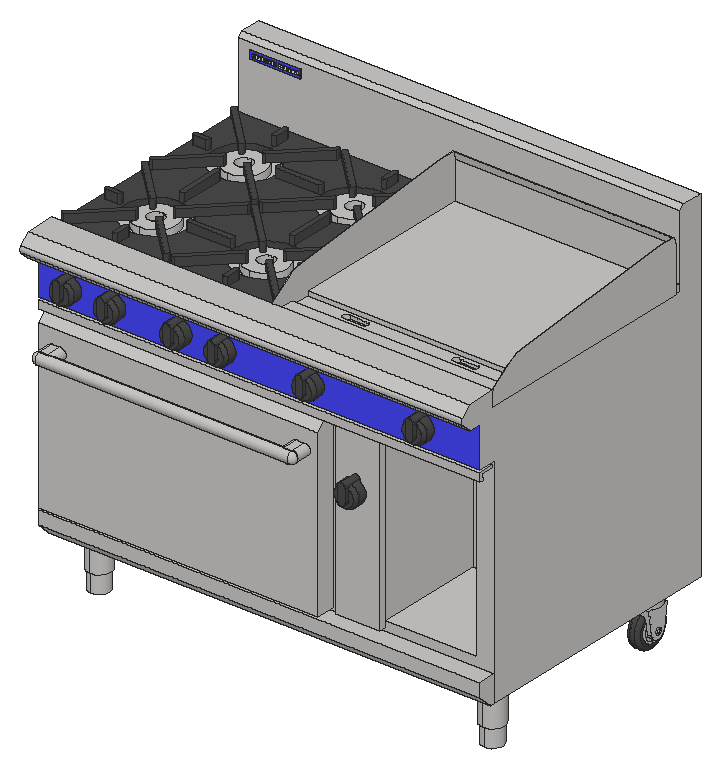
Revit family "QF_MOFFAT_BLUESEAL_CE_G58B", category Specialty Equipment, Revit 2012
Parameters
  Width = 1200 mm
  Weight in Pounds = 584
  Watts = 130 W
  Volts = 230 V
  URL Cutsheet = "www.moffat.com"
  URL = "www.moffat.com"
  Type Mark [instance] = ""
  Status [instance] = ""
  Specification by User [instance] = ""
  Specification by Manufacturer = ""
  Show Logo [instance] = yes
  Show Clearance [instance] = yes
  Show Casters [instance] = yes
  Serial Number = ""
  Seismic Rating = ""
  SMACNA No = ""
  Revision Code [instance] = ""
  Phase = 1
  Omniclass Number and Title = ""
  Number of Poles [instance] = 1
  NAFEM Spec ID Number = ""
  Model = "G58B"
  Min Ckt Ampacity = 0 A
  Mechanical Remarks = ""
  Mechanical Connection Type [instance] = ""
  Max Overcurrent Protection = 0 A
  Masterspec = ""
  Manufacturer = "MOFFAT BLUESEAL"
  Legs [instance] = not(Show Casters)  # no
  Item Number [instance] = ""
  Installed By [instance] = ""
  Identify Quantity as Lot [instance] = yes
  Height = 970 mm
  HP = ""
  Gas Size = 3/4"
  Gas RI Height [instance] = 0 mm
  Gas KW [instance] = 50.5
  Gas Input [instance] = 172502.0 Btu/h
  Gas Connection Height = 0 mm
  Furnished By [instance] = ""
  Foodservice Equipment Identifier [instance] = yes
  FL Amps = 0.6 A
  Electrical Remarks = ""
  Electric Connection Type = ""
  Elec Conn RI Height = 0 mm
  Elec Conn Connection Height = 0 mm
  Description = "1200MM GAS RANGE WITH CONVECTION OVEN"
  Depth = 812 mm
  Cycle = 60 Hz
  Conn Plug = ""
  Conn Conduit = yes
  CSI MasterFormat = ""
  CSI Master Format = ""
  Body Finish = QF_Finishes_Stainless Steel
  Apparent Power = 0 VA
Reference planes
  plane 1 "BACK": y = 0
  plane 2: z = 0
  plane 3 "LEFT": x = 0
  plane 4 "RIGHT": x = 1200
  plane 5 "FRONT": y = -812
  plane 6 "TOP": z = 970
  plane 7 "Center Y": x = 600
  plane 8 "Center X": y = -406
  plane 9: x = 280
  plane 10: y = -574.272
  plane 11: x = 60
  plane 12: y = -304.972
  plane 13: y = -364.972
  plane 14: x = 74
  plane 15: y = -812
  plane 16: x = 1134.5
  plane 17: y = -32
  plane 18: z = 655
  plane 19: x = 65.5
  plane 20: x = 65.8
  plane 21: z = 1085
  plane 22: y = -705
Forms (mm)
  Extrusion 1, solid, material "QF_Finishes_Stainless Steel" <- "Body Finish"
    sketch origin (0, 0, 0) x (0, 1, 0) y (0, 0, 1)
      loop
        line (0, 150) -> (0, 1085) -> (-57.5, 1085) -> (-70, 1072.5) -> (-70, 875) -> (-705, 875) -> (-705, 915) -> (-783.97, 915) -> (-808.49, 890.48)
        arc (-808.49, 890.48) -> (-812.002, 882) -> (-808.49, 873.52) r 11.993
        line (-808.49, 873.52) -> (-784.97, 850) -> (-749, 850) -> (-749, 740) -> (-699, 740) -> (-699, 150) -> (0, 150)
      loop
        line (-749, 222.5) -> (-749, 186) -> (-713.071, 150.071) -> (-703.2, 150.071) -> (-703.2, 222.5) -> (-749, 222.5)
      loop
        line (-749, 710) -> (-740.224, 710) -> (-742.613, 726.999) -> (-707.93, 726.999) -> (-707.93, 734.003) -> (-749, 734.003) -> (-749, 710)
    from 0 to 1200
  Extrusion 2, solid, material "QF_Finishes_Stainless Steel"
    sketch origin (0, 7, 0) x (0, 1, 0) y (0, 0, 1)
      loop
        line (-706, 700) -> (-732, 700) -> (-756, 676) -> (-756, 227.5) -> (-706, 227.5) -> (-706, 700)
    from 0 to 760
  Extrusion 3, solid, material "QF_Finishes_Stainless Steel"
    sketch origin (723.5, 7, 0) x (0, 1, 0) y (0, 0, 1)
      loop
        line (-706, 700) -> (-721, 700) -> (-721, 227.5) -> (-706, 227.5) -> (-706, 700)
    from 56.898 to 176.5
  Revolve 4, solid, material "QF_Finishes_Stainless Steel" <- "Body Finish"
    sketch origin (1134.5, -696.126, 0) x (0, 1, 0) y (0, 0, -1)
      loop
        line (39.376, -150) -> (71.126, -150) -> (71.126, 0) -> (43.626, 0) -> (43.626, -50) -> (39.376, -50) -> (39.376, -150)
      axis (71.126, -150) -> (71.126, 0)
    angle from 0 to 360
  Revolve 5, solid, material "QF_Finishes_Stainless Steel" <- "Body Finish"
    sketch origin (65.5, -696.126, 0) x (0, 1, 0) y (0, 0, 1)
      loop
        line (39.376, 150) -> (39.376, 50) -> (43.626, 50) -> (43.626, 0) -> (71.126, 0) -> (71.126, 150) -> (39.376, 150)
      axis (71.126, 150) -> (71.126, 0)
    angle from 0 to 360
  Extrusion 6, solid, material "QF_Finishes_Stainless Steel"
    sketch origin (-64.5, 0, 325) x (1, 0, 0) y (0, 1, 0)
      loop
        circle (1134.5, -32) r 10
    from 330 to 374.856
  Extrusion 7, void
    sketch origin (0, -703.73, 150) x (0, 0, -1) y (-1, 0, 0)
      loop
        line (-526, -900) -> (-526, -1150) -> (-96, -1150) -> (-96, -900) -> (-526, -900)
    from 0 to 304.8
  Extrusion 8, solid, material "QF_Finishes_Black"
    sketch origin (0, -70, 875) x (0, -1, 0) y (1, 0, 0)
      loop
        arc (1, 4) -> (1.879, 1.879) -> (4, 1) r 3
        line (4, 1) -> (632, 1)
        arc (632, 1) -> (634.121, 1.879) -> (635, 4) r 3
        line (635, 4) -> (635, 597)
        arc (635, 597) -> (634.121, 599.121) -> (632, 600) r 3
        line (632, 600) -> (4, 600)
        arc (4, 600) -> (1.879, 599.121) -> (1, 597) r 3
        line (1, 597) -> (1, 4)
      loop
        circle (167.5, 150) r 85
      loop
        circle (167.5, 450) r 85
      loop
        circle (467.768, 150) r 85
      loop
        circle (467.768, 450) r 85
    from 0 to 19.5
  Extrusion 9, solid, material "QF_Finishes_Black"
    sketch origin (0, -70, 894.5) x (0, -1, 0) y (1, 0, 0)
      loop
        spline (327.102, 15.153) -> (326.181, 13.924) -> (325.631, 12.47) -> (325.49, 10.89) -> (325.767, 9.292) -> (326.443, 7.786) -> (327.473, 6.473) -> (328.786, 5.443) -> (330.292, 4.767) -> (331.89, 4.49) -> (333.47, 4.631) -> (334.924, 5.181) -> (336.153, 6.102)
        line (336.153, 6.102) -> (444.076, 114.025)
        spline (444.076, 114.025) -> (444.837, 115.095) -> (445.238, 116.399) -> (445.251, 117.851) -> (444.875, 119.35) -> (444.137, 120.795) -> (443.086, 122.086) -> (441.795, 123.137) -> (440.35, 123.875) -> (438.851, 124.251) -> (437.399, 124.238) -> (436.095, 123.837) -> (435.025, 123.076)
        line (435.025, 123.076) -> (327.102, 15.153)
      loop
        line (611.398, 15.153) -> (503.475, 123.076)
        spline (503.475, 123.076) -> (502.405, 123.837) -> (501.101, 124.238) -> (499.649, 124.251) -> (498.15, 123.875) -> (496.705, 123.137) -> (495.414, 122.086) -> (494.363, 120.795) -> (493.625, 119.35) -> (493.249, 117.851) -> (493.262, 116.399) -> (493.663, 115.095) -> (494.424, 114.025)
        line (494.424, 114.025) -> (602.347, 6.102)
        spline (602.347, 6.102) -> (603.416, 5.341) -> (604.721, 4.941) -> (606.172, 4.928) -> (607.671, 5.303) -> (609.116, 6.041) -> (610.408, 7.092) -> (611.459, 8.384) -> (612.197, 9.829) -> (612.572, 11.328) -> (612.559, 12.779) -> (612.159, 14.084) -> (611.398, 15.153)
      loop
        spline (379.102, 143.6) -> (380.396, 143.818) -> (381.602, 144.457) -> (382.638, 145.475) -> (383.432, 146.8) -> (383.932, 148.344) -> (384.102, 150) -> (383.932, 151.656) -> (383.432, 153.2) -> (382.638, 154.525) -> (381.602, 155.543) -> (380.396, 156.182) -> (379.102, 156.4)
        line (379.102, 156.4) -> (259.398, 156.4)
        spline (259.398, 156.4) -> (258.104, 156.182) -> (256.898, 155.543) -> (255.862, 154.525) -> (255.068, 153.2) -> (254.568, 151.656) -> (254.398, 150) -> (254.568, 148.344) -> (255.068, 146.8) -> (255.862, 145.475) -> (256.898, 144.457) -> (258.104, 143.818) -> (259.398, 143.6)
        line (259.398, 143.6) -> (379.102, 143.6)
      loop
        spline (23.602, 15.153) -> (22.681, 13.924) -> (22.131, 12.47) -> (21.99, 10.89) -> (22.267, 9.292) -> (22.943, 7.786) -> (23.973, 6.473) -> (25.286, 5.443) -> (26.792, 4.767) -> (28.39, 4.49) -> (29.97, 4.631) -> (31.424, 5.181) -> (32.653, 6.102)
        line (32.653, 6.102) -> (140.576, 114.025)
        spline (140.576, 114.025) -> (141.337, 115.095) -> (141.738, 116.399) -> (141.751, 117.851) -> (141.375, 119.35) -> (140.637, 120.795) -> (139.586, 122.086) -> (138.295, 123.137) -> (136.85, 123.875) -> (135.351, 124.251) -> (133.899, 124.238) -> (132.595, 123.837) -> (131.525, 123.076)
        line (131.525, 123.076) -> (23.602, 15.153)
      loop
        line (311.398, 15.153) -> (203.475, 123.076)
        spline (203.475, 123.076) -> (202.405, 123.837) -> (201.101, 124.238) -> (199.649, 124.251) -> (198.15, 123.875) -> (196.705, 123.137) -> (195.414, 122.086) -> (194.363, 120.795) -> (193.625, 119.35) -> (193.249, 117.851) -> (193.262, 116.399) -> (193.663, 115.095) -> (194.424, 114.025)
        line (194.424, 114.025) -> (302.347, 6.102)
        spline (302.347, 6.102) -> (303.416, 5.341) -> (304.721, 4.941) -> (306.172, 4.928) -> (307.671, 5.303) -> (309.116, 6.041) -> (310.408, 7.092) -> (311.459, 8.384) -> (312.197, 9.829) -> (312.572, 11.328) -> (312.559, 12.779) -> (312.159, 14.084) -> (311.398, 15.153)
      loop
        line (327.102, 284.847) -> (435.025, 176.924)
        spline (435.025, 176.924) -> (436.095, 176.163) -> (437.399, 175.762) -> (438.851, 175.749) -> (440.35, 176.125) -> (441.795, 176.863) -> (443.086, 177.914) -> (444.137, 179.205) -> (444.875, 180.65) -> (445.251, 182.149) -> (445.238, 183.601) -> (444.837, 184.905) -> (444.076, 185.975)
        line (444.076, 185.975) -> (336.153, 293.898)
        spline (336.153, 293.898) -> (334.924, 294.819) -> (333.47, 295.369) -> (331.89, 295.51) -> (330.292, 295.233) -> (328.786, 294.557) -> (327.473, 293.527) -> (326.443, 292.214) -> (325.767, 290.708) -> (325.49, 289.11) -> (325.631, 287.53) -> (326.181, 286.076) -> (327.102, 284.847)
      loop
        spline (611.398, 284.847) -> (612.159, 285.916) -> (612.559, 287.221) -> (612.572, 288.672) -> (612.197, 290.171) -> (611.459, 291.616) -> (610.408, 292.908) -> (609.116, 293.959) -> (607.671, 294.697) -> (606.172, 295.072) -> (604.721, 295.059) -> (603.416, 294.659) -> (602.347, 293.898)
        line (602.347, 293.898) -> (494.424, 185.975)
        spline (494.424, 185.975) -> (493.663, 184.905) -> (493.262, 183.601) -> (493.249, 182.149) -> (493.625, 180.65) -> (494.363, 179.205) -> (495.414, 177.914) -> (496.705, 176.863) -> (498.15, 176.125) -> (499.649, 175.749) -> (501.101, 175.762) -> (502.405, 176.163) -> (503.475, 176.924)
        line (503.475, 176.924) -> (611.398, 284.847)
      loop
        spline (461.1, 241.898) -> (461.318, 240.604) -> (461.957, 239.398) -> (462.975, 238.362) -> (464.3, 237.568) -> (465.844, 237.068) -> (467.5, 236.898) -> (469.156, 237.068) -> (470.7, 237.568) -> (472.025, 238.362) -> (473.043, 239.398) -> (473.682, 240.604) -> (473.9, 241.898)
        line (473.9, 241.898) -> (473.9, 358.102)
        spline (473.9, 358.102) -> (473.682, 359.396) -> (473.043, 360.602) -> (472.025, 361.638) -> (470.7, 362.432) -> (469.156, 362.932) -> (467.5, 363.102) -> (465.844, 362.932) -> (464.3, 362.432) -> (462.975, 361.638) -> (461.957, 360.602) -> (461.318, 359.396) -> (461.1, 358.102)
        line (461.1, 358.102) -> (461.1, 241.898)
      loop
        line (23.602, 284.847) -> (131.525, 176.924)
        spline (131.525, 176.924) -> (132.595, 176.163) -> (133.899, 175.762) -> (135.351, 175.749) -> (136.85, 176.125) -> (138.295, 176.863) -> (139.586, 177.914) -> (140.637, 179.205) -> (141.375, 180.65) -> (141.751, 182.149) -> (141.738, 183.601) -> (141.337, 184.905) -> (140.576, 185.975)
        line (140.576, 185.975) -> (32.653, 293.898)
        spline (32.653, 293.898) -> (31.424, 294.819) -> (29.97, 295.369) -> (28.39, 295.51) -> (26.792, 295.233) -> (25.286, 294.557) -> (23.973, 293.527) -> (22.943, 292.214) -> (22.267, 290.708) -> (21.99, 289.11) -> (22.131, 287.53) -> (22.681, 286.076) -> (23.602, 284.847)
      loop
        spline (311.398, 284.847) -> (312.159, 285.916) -> (312.559, 287.221) -> (312.572, 288.672) -> (312.197, 290.171) -> (311.459, 291.616) -> (310.408, 292.908) -> (309.116, 293.959) -> (307.671, 294.697) -> (306.172, 295.072) -> (304.721, 295.059) -> (303.416, 294.659) -> (302.347, 293.898)
        line (302.347, 293.898) -> (194.424, 185.975)
        spline (194.424, 185.975) -> (193.663, 184.905) -> (193.262, 183.601) -> (193.249, 182.149) -> (193.625, 180.65) -> (194.363, 179.205) -> (195.414, 177.914) -> (196.705, 176.863) -> (198.15, 176.125) -> (199.649, 175.749) -> (201.101, 175.762) -> (202.405, 176.163) -> (203.475, 176.924)
        line (203.475, 176.924) -> (311.398, 284.847)
      loop
        spline (161.1, 241.898) -> (161.318, 240.604) -> (161.957, 239.398) -> (162.975, 238.362) -> (164.3, 237.568) -> (165.844, 237.068) -> (167.5, 236.898) -> (169.156, 237.068) -> (170.7, 237.568) -> (172.025, 238.362) -> (173.043, 239.398) -> (173.682, 240.604) -> (173.9, 241.898)
        line (173.9, 241.898) -> (173.9, 358.102)
        spline (173.9, 358.102) -> (173.682, 359.396) -> (173.043, 360.602) -> (172.025, 361.638) -> (170.7, 362.432) -> (169.156, 362.932) -> (167.5, 363.102) -> (165.844, 362.932) -> (164.3, 362.432) -> (162.975, 361.638) -> (161.957, 360.602) -> (161.318, 359.396) -> (161.1, 358.102)
        line (161.1, 358.102) -> (161.1, 241.898)
      loop
        line (379.102, 456.4) -> (259.398, 456.4)
        spline (259.398, 456.4) -> (258.104, 456.182) -> (256.898, 455.543) -> (255.862, 454.525) -> (255.068, 453.2) -> (254.568, 451.656) -> (254.398, 450) -> (254.568, 448.344) -> (255.068, 446.8) -> (255.862, 445.475) -> (256.898, 444.457) -> (258.104, 443.818) -> (259.398, 443.6)
        line (259.398, 443.6) -> (379.102, 443.6)
        spline (379.102, 443.6) -> (380.396, 443.818) -> (381.602, 444.457) -> (382.638, 445.475) -> (383.432, 446.8) -> (383.932, 448.344) -> (384.102, 450) -> (383.932, 451.656) -> (383.432, 453.2) -> (382.638, 454.525) -> (381.602, 455.543) -> (380.396, 456.182) -> (379.102, 456.4)
      loop
        spline (327.102, 315.153) -> (326.181, 313.924) -> (325.631, 312.47) -> (325.49, 310.89) -> (325.767, 309.292) -> (326.443, 307.786) -> (327.473, 306.473) -> (328.786, 305.443) -> (330.292, 304.767) -> (331.89, 304.49) -> (333.47, 304.631) -> (334.924, 305.181) -> (336.153, 306.102)
        line (336.153, 306.102) -> (444.076, 414.025)
        spline (444.076, 414.025) -> (444.837, 415.095) -> (445.238, 416.399) -> (445.251, 417.851) -> (444.875, 419.35) -> (444.137, 420.795) -> (443.086, 422.086) -> (441.795, 423.137) -> (440.35, 423.875) -> (438.851, 424.251) -> (437.399, 424.238) -> (436.095, 423.837) -> (435.025, 423.076)
        line (435.025, 423.076) -> (327.102, 315.153)
      loop
        line (611.398, 315.153) -> (503.475, 423.076)
        spline (503.475, 423.076) -> (502.405, 423.837) -> (501.101, 424.238) -> (499.649, 424.251) -> (498.15, 423.875) -> (496.705, 423.137) -> (495.414, 422.086) -> (494.363, 420.795) -> (493.625, 419.35) -> (493.249, 417.851) -> (493.262, 416.399) -> (493.663, 415.095) -> (494.424, 414.025)
        line (494.424, 414.025) -> (602.347, 306.102)
        spline (602.347, 306.102) -> (603.416, 305.341) -> (604.721, 304.941) -> (606.172, 304.928) -> (607.671, 305.303) -> (609.116, 306.041) -> (610.408, 307.092) -> (611.459, 308.384) -> (612.197, 309.829) -> (612.572, 311.328) -> (612.559, 312.779) -> (612.159, 314.084) -> (611.398, 315.153)
      loop
        spline (23.602, 315.153) -> (22.681, 313.924) -> (22.131, 312.47) -> (21.99, 310.89) -> (22.267, 309.292) -> (22.943, 307.786) -> (23.973, 306.473) -> (25.286, 305.443) -> (26.792, 304.767) -> (28.39, 304.49) -> (29.97, 304.631) -> (31.424, 305.181) -> (32.653, 306.102)
        line (32.653, 306.102) -> (140.576, 414.025)
        spline (140.576, 414.025) -> (141.337, 415.095) -> (141.738, 416.399) -> (141.751, 417.851) -> (141.375, 419.35) -> (140.637, 420.795) -> (139.586, 422.086) -> (138.295, 423.137) -> (136.85, 423.875) -> (135.351, 424.251) -> (133.899, 424.238) -> (132.595, 423.837) -> (131.525, 423.076)
        line (131.525, 423.076) -> (23.602, 315.153)
      loop
        line (311.398, 315.153) -> (203.475, 423.076)
        spline (203.475, 423.076) -> (202.405, 423.837) -> (201.101, 424.238) -> (199.649, 424.251) -> (198.15, 423.875) -> (196.705, 423.137) -> (195.414, 422.086) -> (194.363, 420.795) -> (193.625, 419.35) -> (193.249, 417.851) -> (193.262, 416.399) -> (193.663, 415.095) -> (194.424, 414.025)
        line (194.424, 414.025) -> (302.347, 306.102)
        spline (302.347, 306.102) -> (303.416, 305.341) -> (304.721, 304.941) -> (306.172, 304.928) -> (307.671, 305.303) -> (309.116, 306.041) -> (310.408, 307.092) -> (311.459, 308.384) -> (312.197, 309.829) -> (312.572, 311.328) -> (312.559, 312.779) -> (312.159, 314.084) -> (311.398, 315.153)
      loop
        line (327.102, 584.847) -> (435.025, 476.924)
        spline (435.025, 476.924) -> (436.095, 476.163) -> (437.399, 475.762) -> (438.851, 475.749) -> (440.35, 476.125) -> (441.795, 476.863) -> (443.086, 477.914) -> (444.137, 479.205) -> (444.875, 480.65) -> (445.251, 482.149) -> (445.238, 483.601) -> (444.837, 484.905) -> (444.076, 485.975)
        line (444.076, 485.975) -> (336.153, 593.898)
        spline (336.153, 593.898) -> (334.924, 594.819) -> (333.47, 595.369) -> (331.89, 595.51) -> (330.292, 595.233) -> (328.786, 594.557) -> (327.473, 593.527) -> (326.443, 592.214) -> (325.767, 590.708) -> (325.49, 589.11) -> (325.631, 587.53) -> (326.181, 586.076) -> (327.102, 584.847)
      loop
        spline (611.398, 584.847) -> (612.159, 585.916) -> (612.559, 587.221) -> (612.572, 588.672) -> (612.197, 590.171) -> (611.459, 591.616) -> (610.408, 592.908) -> (609.116, 593.959) -> (607.671, 594.697) -> (606.172, 595.072) -> (604.721, 595.059) -> (603.416, 594.659) -> (602.347, 593.898)
        line (602.347, 593.898) -> (494.424, 485.975)
        spline (494.424, 485.975) -> (493.663, 484.905) -> (493.262, 483.601) -> (493.249, 482.149) -> (493.625, 480.65) -> (494.363, 479.205) -> (495.414, 477.914) -> (496.705, 476.863) -> (498.15, 476.125) -> (499.649, 475.749) -> (501.101, 475.762) -> (502.405, 476.163) -> (503.475, 476.924)
        line (503.475, 476.924) -> (611.398, 584.847)
      loop
        line (23.602, 584.847) -> (131.525, 476.924)
        spline (131.525, 476.924) -> (132.595, 476.163) -> (133.899, 475.762) -> (135.351, 475.749) -> (136.85, 476.125) -> (138.295, 476.863) -> (139.586, 477.914) -> (140.637, 479.205) -> (141.375, 480.65) -> (141.751, 482.149) -> (141.738, 483.601) -> (141.337, 484.905) -> (140.576, 485.975)
        line (140.576, 485.975) -> (32.653, 593.898)
        spline (32.653, 593.898) -> (31.424, 594.819) -> (29.97, 595.369) -> (28.39, 595.51) -> (26.792, 595.233) -> (25.286, 594.557) -> (23.973, 593.527) -> (22.943, 592.214) -> (22.267, 590.708) -> (21.99, 589.11) -> (22.131, 587.53) -> (22.681, 586.076) -> (23.602, 584.847)
      loop
        spline (311.398, 584.847) -> (312.159, 585.916) -> (312.559, 587.221) -> (312.572, 588.672) -> (312.197, 590.171) -> (311.459, 591.616) -> (310.408, 592.908) -> (309.116, 593.959) -> (307.671, 594.697) -> (306.172, 595.072) -> (304.721, 595.059) -> (303.416, 594.659) -> (302.347, 593.898)
        line (302.347, 593.898) -> (194.424, 485.975)
        spline (194.424, 485.975) -> (193.663, 484.905) -> (193.262, 483.601) -> (193.249, 482.149) -> (193.625, 480.65) -> (194.363, 479.205) -> (195.414, 477.914) -> (196.705, 476.863) -> (198.15, 476.125) -> (199.649, 475.749) -> (201.101, 475.762) -> (202.405, 476.163) -> (203.475, 476.924)
        line (203.475, 476.924) -> (311.398, 584.847)
      loop
        spline (473.9, 592.104) -> (473.682, 593.398) -> (473.043, 594.604) -> (472.025, 595.64) -> (470.7, 596.434) -> (469.156, 596.934) -> (467.5, 597.104) -> (465.844, 596.934) -> (464.3, 596.434) -> (462.975, 595.64) -> (461.957, 594.604) -> (461.318, 593.398) -> (461.1, 592.104)
        line (461.1, 592.104) -> (461.1, 542.13)
        spline (461.1, 542.13) -> (461.318, 540.836) -> (461.957, 539.63) -> (462.975, 538.595) -> (464.3, 537.8) -> (465.844, 537.301) -> (467.5, 537.13) -> (469.156, 537.301) -> (470.7, 537.8) -> (472.025, 538.595) -> (473.043, 539.63) -> (473.682, 540.836) -> (473.9, 542.13)
        line (473.9, 542.13) -> (473.9, 592.104)
      loop
        spline (173.9, 592.104) -> (173.682, 593.398) -> (173.043, 594.604) -> (172.025, 595.64) -> (170.7, 596.434) -> (169.156, 596.934) -> (167.5, 597.104) -> (165.844, 596.934) -> (164.3, 596.434) -> (162.975, 595.64) -> (161.957, 594.604) -> (161.318, 593.398) -> (161.1, 592.104)
        line (161.1, 592.104) -> (161.1, 542.13)
        spline (161.1, 542.13) -> (161.318, 540.836) -> (161.957, 539.63) -> (162.975, 538.595) -> (164.3, 537.8) -> (165.844, 537.301) -> (167.5, 537.13) -> (169.156, 537.301) -> (170.7, 537.8) -> (172.025, 538.595) -> (173.043, 539.63) -> (173.682, 540.836) -> (173.9, 542.13)
        line (173.9, 542.13) -> (173.9, 592.104)
      loop
        spline (65.602, 143.6) -> (66.896, 143.818) -> (68.102, 144.457) -> (69.138, 145.475) -> (69.932, 146.8) -> (70.432, 148.344) -> (70.602, 150) -> (70.432, 151.656) -> (69.932, 153.2) -> (69.138, 154.525) -> (68.102, 155.543) -> (66.896, 156.182) -> (65.602, 156.4)
        line (65.602, 156.4) -> (29.398, 156.4)
        spline (29.398, 156.4) -> (28.104, 156.182) -> (26.898, 155.543) -> (25.862, 154.525) -> (25.068, 153.2) -> (24.568, 151.656) -> (24.398, 150) -> (24.568, 148.344) -> (25.068, 146.8) -> (25.862, 145.475) -> (26.898, 144.457) -> (28.104, 143.818) -> (29.398, 143.6)
        line (29.398, 143.6) -> (65.602, 143.6)
      loop
        spline (65.602, 443.6) -> (66.896, 443.818) -> (68.102, 444.457) -> (69.138, 445.475) -> (69.932, 446.8) -> (70.432, 448.344) -> (70.602, 450) -> (70.432, 451.656) -> (69.932, 453.2) -> (69.138, 454.525) -> (68.102, 455.543) -> (66.896, 456.182) -> (65.602, 456.4)
        line (65.602, 456.4) -> (29.398, 456.4)
        spline (29.398, 456.4) -> (28.104, 456.182) -> (26.898, 455.543) -> (25.862, 454.525) -> (25.068, 453.2) -> (24.568, 451.656) -> (24.398, 450) -> (24.568, 448.344) -> (25.068, 446.8) -> (25.862, 445.475) -> (26.898, 444.457) -> (28.104, 443.818) -> (29.398, 443.6)
        line (29.398, 443.6) -> (65.602, 443.6)
      loop
        spline (605.602, 143.6) -> (606.896, 143.818) -> (608.102, 144.457) -> (609.138, 145.475) -> (609.932, 146.8) -> (610.432, 148.344) -> (610.602, 150) -> (610.432, 151.656) -> (609.932, 153.2) -> (609.138, 154.525) -> (608.102, 155.543) -> (606.896, 156.182) -> (605.602, 156.4)
        line (605.602, 156.4) -> (569.398, 156.4)
        spline (569.398, 156.4) -> (568.104, 156.182) -> (566.898, 155.543) -> (565.862, 154.525) -> (565.068, 153.2) -> (564.568, 151.656) -> (564.398, 150) -> (564.568, 148.344) -> (565.068, 146.8) -> (565.862, 145.475) -> (566.898, 144.457) -> (568.104, 143.818) -> (569.398, 143.6)
        line (569.398, 143.6) -> (605.602, 143.6)
      loop
        spline (605.602, 443.6) -> (606.896, 443.818) -> (608.102, 444.457) -> (609.138, 445.475) -> (609.932, 446.8) -> (610.432, 448.344) -> (610.602, 450) -> (610.432, 451.656) -> (609.932, 453.2) -> (609.138, 454.525) -> (608.102, 455.543) -> (606.896, 456.182) -> (605.602, 456.4)
        line (605.602, 456.4) -> (569.398, 456.4)
        spline (569.398, 456.4) -> (568.104, 456.182) -> (566.898, 455.543) -> (565.862, 454.525) -> (565.068, 453.2) -> (564.568, 451.656) -> (564.398, 450) -> (564.568, 448.344) -> (565.068, 446.8) -> (565.862, 445.475) -> (566.898, 444.457) -> (568.104, 443.818) -> (569.398, 443.6)
        line (569.398, 443.6) -> (605.602, 443.6)
      loop
        line (460.626, 50.584) -> (460.626, 16.591)
        spline (460.626, 16.591) -> (460.844, 15.297) -> (461.483, 14.091) -> (462.501, 13.055) -> (463.826, 12.261) -> (465.37, 11.761) -> (467.026, 11.591) -> (468.682, 11.761) -> (470.226, 12.261) -> (471.551, 13.055) -> (472.569, 14.091) -> (473.208, 15.297) -> (473.426, 16.591)
        line (473.426, 16.591) -> (473.426, 50.584)
        spline (473.426, 50.584) -> (473.208, 51.878) -> (472.569, 53.084) -> (471.551, 54.119) -> (470.226, 54.914) -> (468.682, 55.413) -> (467.026, 55.584) -> (465.37, 55.413) -> (463.826, 54.914) -> (462.501, 54.119) -> (461.483, 53.084) -> (460.844, 51.878) -> (460.626, 50.584)
      loop
        line (160.11, 50.584) -> (160.11, 16.591)
        spline (160.11, 16.591) -> (160.328, 15.297) -> (160.967, 14.091) -> (161.984, 13.055) -> (163.31, 12.261) -> (164.853, 11.761) -> (166.51, 11.591) -> (168.166, 11.761) -> (169.71, 12.261) -> (171.035, 13.055) -> (172.052, 14.091) -> (172.692, 15.297) -> (172.91, 16.591)
        line (172.91, 16.591) -> (172.91, 50.584)
        spline (172.91, 50.584) -> (172.692, 51.878) -> (172.052, 53.084) -> (171.035, 54.119) -> (169.71, 54.914) -> (168.166, 55.413) -> (166.51, 55.584) -> (164.853, 55.413) -> (163.31, 54.914) -> (161.984, 54.119) -> (160.967, 53.084) -> (160.328, 51.878) -> (160.11, 50.584)
    from 0 to 23.5
  Revolve 10, solid, material "QF_Finishes_Black"
    sketch origin (750.113, 45.874, -0.118) x (0, 1, 0) y (0, 0, 1)
      loop
        line (-827.874, 829.5) -> (-838.874, 823.651) -> (-838.874, 797) -> (-794.874, 797) -> (-794.874, 802) -> (-804.874, 802) -> (-804.874, 829.5) -> (-827.874, 829.5)
      axis (-838.874, 797) -> (-794.874, 797)
    angle from 0 to 360
  Revolve 11, solid, material "QF_Finishes_Black"
    sketch origin (90.649, 45.874, -0.118) x (0, 1, 0) y (0, 0, -1)
      loop
        line (-827.874, -829.5) -> (-804.874, -829.5) -> (-804.874, -802) -> (-794.874, -802) -> (-794.874, -797) -> (-838.874, -797) -> (-838.874, -823.651) -> (-827.874, -829.5)
      axis (-838.874, -797) -> (-794.874, -797)
    angle from 0 to 360
  Revolve 12, solid, material "QF_Finishes_Black"
    sketch origin (210.649, 45.874, -0.118) x (0, 1, 0) y (0, 0, -1)
      loop
        line (-827.874, -829.5) -> (-804.874, -829.5) -> (-804.874, -802) -> (-794.874, -802) -> (-794.874, -797) -> (-838.874, -797) -> (-838.874, -823.651) -> (-827.874, -829.5)
      axis (-838.874, -797) -> (-794.874, -797)
    angle from 0 to 360
  Revolve 13, solid, material "QF_Finishes_Black"
    sketch origin (390.625, 45.874, -0.118) x (0, 1, 0) y (0, 0, -1)
      loop
        line (-827.874, -829.5) -> (-804.874, -829.5) -> (-804.874, -802) -> (-794.874, -802) -> (-794.874, -797) -> (-838.874, -797) -> (-838.874, -823.651) -> (-827.874, -829.5)
      axis (-838.874, -797) -> (-794.874, -797)
    angle from 0 to 360
  Revolve 14, solid, material "QF_Finishes_Black"
    sketch origin (510.625, 45.874, -0.118) x (0, 1, 0) y (0, 0, -1)
      loop
        line (-827.874, -829.5) -> (-804.874, -829.5) -> (-804.874, -802) -> (-794.874, -802) -> (-794.874, -797) -> (-838.874, -797) -> (-838.874, -823.651) -> (-827.874, -829.5)
      axis (-838.874, -797) -> (-794.874, -797)
    angle from 0 to 360
  Extrusion 15, solid, material "QF_Finishes_Black"
    sketch origin (238.456, 7, -0.118) x (-1, 0, 0) y (0, 0, -1)
      loop
        arc (158.3, -789) -> (148.3, -779) -> (138.3, -789) r 10
        line (138.3, -789) -> (138.3, -824)
        arc (138.3, -824) -> (148.3, -834) -> (158.3, -824) r 10
        line (158.3, -824) -> (158.3, -789)
    from 759 to 808
  Extrusion 16, solid, material "QF_Finishes_Black"
    sketch origin (358.456, 7, -0.118) x (-1, 0, 0) y (0, 0, -1)
      loop
        arc (158.3, -789) -> (148.3, -779) -> (138.3, -789) r 10
        line (138.3, -789) -> (138.3, -824)
        arc (138.3, -824) -> (148.3, -834) -> (158.3, -824) r 10
        line (158.3, -824) -> (158.3, -789)
    from 759 to 808
  Extrusion 17, solid, material "QF_Finishes_Black"
    sketch origin (538.432, 7, -0.118) x (-1, 0, 0) y (0, 0, -1)
      loop
        arc (158.3, -789) -> (148.3, -779) -> (138.3, -789) r 10
        line (138.3, -789) -> (138.3, -824)
        arc (138.3, -824) -> (148.3, -834) -> (158.3, -824) r 10
        line (158.3, -824) -> (158.3, -789)
    from 759 to 808
  Extrusion 18, solid, material "QF_Finishes_Black"
    sketch origin (658.432, 7, -0.118) x (-1, 0, 0) y (0, 0, -1)
      loop
        arc (158.3, -789) -> (148.3, -779) -> (138.3, -789) r 10
        line (138.3, -789) -> (138.3, -824)
        arc (138.3, -824) -> (148.3, -834) -> (158.3, -824) r 10
        line (158.3, -824) -> (158.3, -789)
    from 759 to 808
  Extrusion 19, solid, material "QF_Finishes_Black"
    sketch origin (897.92, 7, -0.118) x (-1, 0, 0) y (0, 0, -1)
      loop
        arc (158.3, -789) -> (148.3, -779) -> (138.3, -789) r 10
        line (138.3, -789) -> (138.3, -824)
        arc (138.3, -824) -> (148.3, -834) -> (158.3, -824) r 10
        line (158.3, -824) -> (158.3, -789)
    from 759 to 808
  Revolve 20, solid, material "QF_Finishes_Black"
    sketch origin (836.851, 80.874, -246.368) x (0, 1, 0) y (0, 0, 1)
      loop
        line (-827.874, 829.5) -> (-838.874, 823.651) -> (-838.874, 797) -> (-794.874, 797) -> (-794.874, 802) -> (-804.874, 802) -> (-804.874, 829.5) -> (-827.874, 829.5)
      axis (-838.874, 797) -> (-794.874, 797)
    angle from 0 to 360
  Extrusion 21, solid, material "QF_Finishes_Black"
    sketch origin (389.044, 42, -246.368) x (1, 0, 0) y (0, 0, 1)
      loop
        line (458.3, 789) -> (458.3, 824)
        arc (458.3, 824) -> (448.3, 834) -> (438.3, 824) r 10
        line (438.3, 824) -> (438.3, 789)
        arc (438.3, 789) -> (448.3, 779) -> (458.3, 789) r 10
    from 759 to 808
  Extrusion 22, solid, material "QF_Door-Drawer Clearances", visible <- "Show Clearance", detail levels coarse
    sketch origin (760, 7, 0) x (0, 1, 0) y (0, 0, 1)
      loop
        arc (-756, 697.347) -> (-1088.232, 559.732) -> (-1225.847, 227.5) r 469.847
        line (-1225.847, 227.5) -> (-756, 227.5) -> (-756, 697.347)
    from 0 to -760
  Extrusion 23, void
    sketch origin (0, 0, 150) x (-1, 0, 0) y (0, -1, 0)
      loop
        line (-1133.988, 87.26) -> (-1133.988, -30.24) -> (-1004.488, -30.24) -> (-1004.488, 38.76) -> (-1052.988, 87.26) -> (-1133.988, 87.26)
    from 72.5 to 549.856
  Extrusion 24, solid, material "QF_Finishes_Stainless Steel"
    sketch origin (0, -749, 227.5) x (0, 0, 1) y (-1, 0, 0)
      loop
        line (380.625, -38.246) -> (380.625, -58.528)
        arc (380.625, -58.528) -> (395.625, -73.528) -> (410.625, -58.528) r 15
        line (410.625, -58.528) -> (410.625, -38.246)
        arc (410.625, -38.246) -> (395.625, -23.246) -> (380.625, -38.246) r 15
      loop
        arc (380.625, -723.039) -> (395.625, -738.039) -> (410.625, -723.039) r 15
        line (410.625, -723.039) -> (410.625, -702.757)
        arc (410.625, -702.757) -> (395.625, -687.757) -> (380.625, -702.757) r 15
        line (380.625, -702.757) -> (380.625, -723.039)
    from 0 to 44
  Revolve 25, solid, material "QF_Finishes_Stainless Steel"
    sketch origin (0, -793, 0) x (1, 0, 0) y (0, 0, 1)
      loop
        arc (738.039, 623.125) -> (733.646, 633.732) -> (723.039, 638.125) r 15
        line (723.039, 638.125) -> (38.246, 638.125)
        arc (38.246, 638.125) -> (27.64, 633.732) -> (23.246, 623.125) r 15
        line (23.246, 623.125) -> (738.039, 623.125)
      axis (738.039, 623.125) -> (23.246, 623.125)
    angle from 0 to 360
  Extrusion 26, solid, material "QF_Finishes_Stainless Steel"
    sketch origin (0, -70, 875) x (0, -1, 0) y (1, 0, 0)
      loop
        circle (167.5, 450) r 57
      loop
        circle (467.5, 450) r 57
      loop
        circle (467.5, 150) r 57
      loop
        circle (167.5, 150) r 57
      loop
        circle (467.5, 150) r 22
      loop
        circle (467.5, 450) r 22
      loop
        circle (167.5, 450) r 22
      loop
        circle (167.5, 150) r 22
    from 0 to 19.5
  Extrusion 27, solid, material "QF_Finishes_Stainless Steel"
    sketch origin (0, 0, 0) x (1, 0, 0) y (0, 1, 0)
      loop
        circle (826, -501) r 6.35
    from 148.072 to 150
  Extrusion 28, solid, material "QF_Finishes_Stainless Steel", visible <- "Show Casters"
    sketch origin (71.501, 133.353, -8.783) x (0, 1, 0) y (0, 0, 1)
      loop
        line (-201.603, 118.783) -> (-265.103, 118.783) -> (-252.746, 53.895)
        arc (-252.746, 53.895) -> (-233.353, 38.783) -> (-213.959, 53.895) r 20
        line (-213.959, 53.895) -> (-201.603, 118.783)
    from -35.667 to 22.923
  Revolve 29, solid, material "QF_Finishes_Stainless Steel", visible <- "Show Casters"
    sketch origin (65, -203, 0) x (0, 1, 0) y (0, 0, 1)
      loop
        line (67.25, 150) -> (67.25, 110) -> (103, 110) -> (103, 150) -> (67.25, 150)
      axis (103, 150) -> (103, 110)
    angle from 0 to 360
  Revolve 30, solid, material "QF_Finishes_Stainless Steel", visible <- "Show Casters"
    sketch origin (1134.5, -203, 0) x (0, 1, 0) y (0, 0, -1)
      loop
        line (67.25, -150) -> (103, -150) -> (103, -110) -> (67.25, -110) -> (67.25, -150)
      axis (103, -150) -> (103, -110)
    angle from 0 to 360
  Revolve 31, solid, material "QF_Finishes_Stainless Steel", visible <- "Show Casters"
    sketch origin (1085.276, -99.755, -13.653) x (1, 0, 0) y (0, 0, 1)
      loop
        line (14.841, 64.453) -> (83.584, 64.453) -> (83.584, 67.958) -> (82.314, 69.228) -> (80.79, 69.228) -> (80.79, 72.674) -> (68.644, 72.674) -> (68.644, 82.639) -> (65.088, 84.692) -> (63.738, 93.028) -> (65.881, 93.028) -> (65.881, 99.378) -> (65.088, 99.378) -> (65.088, 105.728)
        arc (65.088, 105.728) -> (62.298, 112.463) -> (55.563, 115.253) r 9.525
        line (55.563, 115.253) -> (42.863, 115.253)
        arc (42.863, 115.253) -> (36.127, 112.463) -> (33.338, 105.728) r 9.525
        line (33.338, 105.728) -> (33.338, 99.378) -> (32.544, 99.378) -> (32.544, 93.028) -> (34.687, 93.028) -> (33.352, 84.781) -> (29.782, 82.719) -> (29.782, 72.674) -> (17.635, 72.674) -> (17.635, 69.228) -> (16.111, 69.228) -> (14.841, 67.958) -> (14.841, 64.453)
      axis (14.841, 64.453) -> (83.584, 64.453)
    angle from 0 to 360
  Extrusion 32, solid, material "QF_Finishes_Stainless Steel", visible <- "Show Casters"
    sketch origin (1141.001, 133.353, -8.783) x (0, 1, 0) y (0, 0, 1)
      loop
        line (-201.603, 118.783) -> (-265.103, 118.783) -> (-252.746, 53.895)
        arc (-252.746, 53.895) -> (-233.353, 38.783) -> (-213.959, 53.895) r 20
        line (-213.959, 53.895) -> (-201.603, 118.783)
    from -35.667 to 22.923
  Revolve 33, solid, material "QF_Finishes_Stainless Steel", visible <- "Legs"
    sketch origin (65, -165, 0) x (0, 1, 0) y (0, 0, 1)
      loop
        line (33.25, 150) -> (33.25, 50) -> (37.5, 50) -> (37.5, 0) -> (65, 0) -> (65, 150) -> (33.25, 150)
      axis (65, 150) -> (65, 0)
    angle from 0 to 360
  Revolve 34, solid, material "QF_Finishes_Stainless Steel", visible <- "Legs"
    sketch origin (1134.5, -165, 0) x (0, 1, 0) y (0, 0, -1)
      loop
        line (33.25, -150) -> (65, -150) -> (65, 0) -> (37.5, 0) -> (37.5, -50) -> (33.25, -50) -> (33.25, -150)
      axis (65, -150) -> (65, 0)
    angle from 0 to 360
  Revolve 35, solid, material "QF_Finishes_Stainless Steel", visible <- "Show Casters"
    sketch origin (114.224, -99.755, -13.653) x (-1, 0, 0) y (0, 0, -1)
      loop
        line (14.841, -64.453) -> (14.841, -67.958) -> (16.111, -69.228) -> (17.635, -69.228) -> (17.635, -72.674) -> (29.782, -72.674) -> (29.782, -82.719) -> (33.352, -84.781) -> (34.687, -93.028) -> (32.544, -93.028) -> (32.544, -99.378) -> (33.338, -99.378) -> (33.338, -105.728)
        arc (33.338, -105.728) -> (36.127, -112.463) -> (42.863, -115.253) r 9.525
        line (42.863, -115.253) -> (55.563, -115.253)
        arc (55.563, -115.253) -> (62.298, -112.463) -> (65.088, -105.728) r 9.525
        line (65.088, -105.728) -> (65.088, -99.378) -> (65.881, -99.378) -> (65.881, -93.028) -> (63.738, -93.028) -> (65.088, -84.692) -> (68.644, -82.639) -> (68.644, -72.674) -> (80.79, -72.674) -> (80.79, -69.228) -> (82.314, -69.228) -> (83.584, -67.958) -> (83.584, -64.453) -> (14.841, -64.453)
      axis (14.841, -64.453) -> (83.584, -64.453)
    angle from 0 to 360
  Revolve 36, solid, material "QF_Finishes_Black"
    sketch origin (1049.887, 45.874, -0.118) x (0, 1, 0) y (0, 0, 1)
      loop
        line (-827.874, 829.5) -> (-838.874, 823.651) -> (-838.874, 797) -> (-794.874, 797) -> (-794.874, 802) -> (-804.874, 802) -> (-804.874, 829.5) -> (-827.874, 829.5)
      axis (-838.874, 797) -> (-794.874, 797)
    angle from 0 to 360
  Extrusion 37, solid, material "QF_Finishes_Black"
    sketch origin (1197.694, 7, -0.118) x (-1, 0, 0) y (0, 0, -1)
      loop
        arc (158.3, -789) -> (148.3, -779) -> (138.3, -789) r 10
        line (138.3, -789) -> (138.3, -824)
        arc (138.3, -824) -> (148.3, -834) -> (158.3, -824) r 10
        line (158.3, -824) -> (158.3, -789)
    from 759 to 808
Cuts and joins
  Extrusion 7, Extrusion 23 cuts Extrusion 1
Lines and regions (mm)
  Split face 1
    outline origin (1200, 0, 1085) x (-1, 0, 0) y (0, -1, 0)
      loop
        arc (935.206, 45.185) -> (926.545, 40.185) -> (926.545, 30.185) r 10
        line (926.545, 30.185) -> (930.587, 23.185)
        arc (930.587, 23.185) -> (934.247, 19.525) -> (939.247, 18.185) r 10
        line (939.247, 18.185) -> (1167.206, 18.185)
        arc (1167.206, 18.185) -> (1175.866, 23.185) -> (1175.866, 33.185) r 10
        line (1175.866, 33.185) -> (1171.824, 40.185)
        arc (1171.824, 40.185) -> (1168.164, 43.845) -> (1163.164, 45.185) r 10
        line (1163.164, 45.185) -> (935.206, 45.185)
  Split face 2
    outline origin (1200, 0, 1085) x (-1, 0, 0) y (0, -1, 0)
      loop
        arc (635.206, 45.185) -> (626.545, 40.185) -> (626.545, 30.185) r 10
        line (626.545, 30.185) -> (630.587, 23.185)
        arc (630.587, 23.185) -> (634.247, 19.525) -> (639.247, 18.185) r 10
        line (639.247, 18.185) -> (867.206, 18.185)
        arc (867.206, 18.185) -> (875.866, 23.185) -> (875.866, 33.185) r 10
        line (875.866, 33.185) -> (871.824, 40.185)
        arc (871.824, 40.185) -> (868.164, 43.845) -> (863.164, 45.185) r 10
        line (863.164, 45.185) -> (635.206, 45.185)
  Split face 3
    outline origin (1200, 0, 1085) x (-1, 0, 0) y (0, -1, 0)
      loop
        arc (335.206, 45.185) -> (326.545, 40.185) -> (326.545, 30.185) r 10
        line (326.545, 30.185) -> (330.587, 23.185)
        arc (330.587, 23.185) -> (334.247, 19.525) -> (339.247, 18.185) r 10
        line (339.247, 18.185) -> (567.206, 18.185)
        arc (567.206, 18.185) -> (575.866, 23.185) -> (575.866, 33.185) r 10
        line (575.866, 33.185) -> (571.824, 40.185)
        arc (571.824, 40.185) -> (568.164, 43.845) -> (563.164, 45.185) r 10
        line (563.164, 45.185) -> (335.206, 45.185)
  Split face 4
    outline origin (1200, 0, 1085) x (-1, 0, 0) y (0, -1, 0)
      loop
        arc (35.206, 45.185) -> (26.545, 40.185) -> (26.545, 30.185) r 10
        line (26.545, 30.185) -> (30.587, 23.185)
        arc (30.587, 23.185) -> (34.247, 19.525) -> (39.247, 18.185) r 10
        line (39.247, 18.185) -> (267.206, 18.185)
        arc (267.206, 18.185) -> (275.866, 23.185) -> (275.866, 33.185) r 10
        line (275.866, 33.185) -> (271.824, 40.185)
        arc (271.824, 40.185) -> (268.164, 43.845) -> (263.164, 45.185) r 10
        line (263.164, 45.185) -> (35.206, 45.185)
  symbolic lines
    curve 1: line (0, 0, 0) -> (0, -812, 0)
    curve 2: line (1200, 0, 0) -> (0, 0, 0)
    curve 3: line (1200, -812, 0) -> (1200, 0, 0)
    curve 4: line (0, -70, 0) -> (1200, -70, 0)
    curve 5: line (1200, -812, 0) -> (0, -812, 0)
    curve 6: line (1200, -708.3, 0) -> (0, -708.3, 0)
    curve 7: line (0, -705, 0) -> (1200, -705, 0)
    curve 8: line (1200, -72.734, 0) -> (0, -72.734, 0)
    curve 9: arc (22.65, -812, 0) -> (34.104, -822.278, 0) -> (48.889, -826.544, 0) r 34.455
    curve 10: line (48.889, -826.544, 0) -> (718.108, -826.544, 0)
    curve 11: arc (718.108, -826.544, 0) -> (732.653, -822.647, 0) -> (743.3, -812, 0) r 29.089
    curve 12: line (6.08, -94.387, 0) -> (121.515, -209.822, 0)
    curve 13: line (293.92, -94.387, 0) -> (178.485, -209.822, 0)
    curve 14: line (6.83, -379.864, 0) -> (121.515, -265.178, 0)
    curve 15: line (292.516, -379.21, 0) -> (178.485, -265.178, 0)
    curve 16: line (362.78, -237.81, 0) -> (237.78, -237.81, 0)
    curve 17: line (362.78, -537.81, 0) -> (237.78, -537.81, 0)
    curve 18: line (6.08, -398.155, 0) -> (121.515, -510.089, 0)
    curve 19: line (293.92, -398.155, 0) -> (178.485, -510.089, 0)
    curve 20: line (9.883, -677.078, 0) -> (121.515, -565.446, 0)
    curve 21: line (291.622, -678.583, 0) -> (178.485, -565.446, 0)
    curve 22: arc (150, -294.5, 0) -> (207, -237.5, 0) -> (150, -180.5, 0) r 57
    curve 23: arc (150, -180.5, 0) -> (93, -237.5, 0) -> (150, -294.5, 0) r 57
    curve 24: arc (150, -594.5, 0) -> (207, -537.5, 0) -> (150, -480.5, 0) r 57
    curve 25: arc (150, -480.5, 0) -> (93, -537.5, 0) -> (150, -594.5, 0) r 57
    curve 26: line (306.08, -94.387, 0) -> (421.515, -209.822, 0)
    curve 27: line (593.92, -94.387, 0) -> (478.485, -209.822, 0)
    curve 28: line (307.269, -379.424, 0) -> (421.515, -265.178, 0)
    curve 29: line (592.673, -379.366, 0) -> (478.485, -265.178, 0)
    curve 30: line (597.78, -237.81, 0) -> (537.78, -237.81, 0)
    curve 31: arc (450, -294.5, 0) -> (507, -237.5, 0) -> (450, -180.5, 0) r 57
    curve 32: arc (450, -180.5, 0) -> (393, -237.5, 0) -> (450, -294.5, 0) r 57
    curve 33: line (306.08, -398.155, 0) -> (421.515, -510.089, 0)
    curve 34: line (593.92, -398.155, 0) -> (478.485, -510.089, 0)
    curve 35: line (308.378, -678.583, 0) -> (421.515, -565.446, 0)
    curve 36: line (593.555, -680.516, 0) -> (478.485, -565.446, 0)
    curve 37: line (149.618, -450.258, 0) -> (149.618, -325.258, 0)
    curve 38: line (449.618, -450.258, 0) -> (449.618, -325.258, 0)
    curve 39: line (597.78, -537.81, 0) -> (537.78, -537.81, 0)
    curve 40: line (149.197, -139.807, 0) -> (149.197, -94.807, 0)
    curve 41: line (149.197, -674.807, 0) -> (149.197, -634.807, 0)
    curve 42: line (449.197, -139.807, 0) -> (449.197, -94.807, 0)
    curve 43: line (449.197, -674.807, 0) -> (449.197, -634.807, 0)
    curve 44: line (49.678, -236.51, 0) -> (14.678, -236.51, 0)
    curve 45: line (49.678, -536.51, 0) -> (14.678, -536.51, 0)
    curve 46: arc (450, -594.5, 0) -> (507, -537.5, 0) -> (450, -480.5, 0) r 57
    curve 47: arc (450, -480.5, 0) -> (393, -537.5, 0) -> (450, -594.5, 0) r 57
    curve 51: arc (150, -322.5, 0) -> (65, -237.5, 0) -> (150, -152.5, 0) r 85
    curve 52: arc (150, -152.5, 0) -> (235, -237.5, 0) -> (150, -322.5, 0) r 85
    curve 53: arc (450, -322.5, 0) -> (365, -237.5, 0) -> (450, -152.5, 0) r 85
    curve 54: arc (450, -152.5, 0) -> (535, -237.5, 0) -> (450, -322.5, 0) r 85
    curve 55: arc (150, -452.768, 0) -> (235, -537.768, 0) -> (150, -622.768, 0) r 85
    curve 56: arc (150, -622.768, 0) -> (65, -537.768, 0) -> (150, -452.768, 0) r 85
    curve 57: arc (450, -622.768, 0) -> (365, -537.768, 0) -> (450, -452.768, 0) r 85
    curve 58: arc (450, -452.768, 0) -> (535, -537.768, 0) -> (450, -622.768, 0) r 85
    curve 59: line (300.232, -72.734, 0) -> (300.232, -705, 0)
    curve 60: line (0, -390.308, 0) -> (600, -390.308, 0)
    curve 61: line (600, -72.734, 0) -> (600, -705, 0)
    curve 62: arc (150, -215.5, 0) -> (172, -237.5, 0) -> (150, -259.5, 0) r 22
    curve 63: arc (150, -259.5, 0) -> (128, -237.5, 0) -> (150, -215.5, 0) r 22
    curve 64: arc (450, -215.5, 0) -> (472, -237.5, 0) -> (450, -259.5, 0) r 22
    curve 65: arc (450, -259.5, 0) -> (428, -237.5, 0) -> (450, -215.5, 0) r 22
    curve 66: arc (150, -515.5, 0) -> (172, -537.5, 0) -> (150, -559.5, 0) r 22
    curve 67: arc (150, -559.5, 0) -> (128, -537.5, 0) -> (150, -515.5, 0) r 22
    curve 68: arc (450, -515.5, 0) -> (472, -537.5, 0) -> (450, -559.5, 0) r 22
    curve 69: arc (450, -559.5, 0) -> (428, -537.5, 0) -> (450, -515.5, 0) r 22
    curve 70: line (1160.753, -18.185, 0) -> (932.794, -18.185, 0)
    curve 71: arc (932.794, -18.185, 0) -> (924.134, -23.185, 0) -> (924.134, -33.185, 0) r 10
    curve 72: line (924.134, -33.185, 0) -> (928.176, -40.185, 0)
    curve 73: arc (928.176, -40.185, 0) -> (931.836, -43.845, 0) -> (936.836, -45.185, 0) r 10
    curve 74: line (936.836, -45.185, 0) -> (1164.794, -45.185, 0)
    curve 75: arc (1164.794, -45.185, 0) -> (1173.455, -40.185, 0) -> (1173.455, -30.185, 0) r 10
    curve 76: line (1173.455, -30.185, 0) -> (1169.413, -23.185, 0)
    curve 77: arc (1169.413, -23.185, 0) -> (1165.753, -19.525, 0) -> (1160.753, -18.185, 0) r 10
    curve 78: line (632.794, -18.185, 0) -> (860.753, -18.185, 0)
    curve 79: arc (860.753, -18.185, 0) -> (865.753, -19.525, 0) -> (869.413, -23.185, 0) r 10
    curve 80: line (869.413, -23.185, 0) -> (873.455, -30.185, 0)
    curve 81: arc (873.455, -30.185, 0) -> (873.455, -40.185, 0) -> (864.794, -45.185, 0) r 10
    curve 82: line (864.794, -45.185, 0) -> (636.836, -45.185, 0)
    curve 83: arc (636.836, -45.185, 0) -> (631.836, -43.845, 0) -> (628.176, -40.185, 0) r 10
    curve 84: line (628.176, -40.185, 0) -> (624.134, -33.185, 0)
    curve 85: arc (624.134, -33.185, 0) -> (624.134, -23.185, 0) -> (632.794, -18.185, 0) r 10
    curve 86: line (332.794, -18.185, 0) -> (560.753, -18.185, 0)
    curve 87: arc (560.753, -18.185, 0) -> (565.753, -19.525, 0) -> (569.413, -23.185, 0) r 10
    curve 88: line (569.413, -23.185, 0) -> (573.455, -30.185, 0)
    curve 89: arc (573.455, -30.185, 0) -> (573.455, -40.185, 0) -> (564.794, -45.185, 0) r 10
    curve 90: line (564.794, -45.185, 0) -> (336.836, -45.185, 0)
    curve 91: arc (336.836, -45.185, 0) -> (331.836, -43.845, 0) -> (328.176, -40.185, 0) r 10
    curve 92: line (328.176, -40.185, 0) -> (324.134, -33.185, 0)
    curve 93: arc (324.134, -33.185, 0) -> (324.134, -23.185, 0) -> (332.794, -18.185, 0) r 10
    curve 94: line (260.753, -18.185, 0) -> (32.794, -18.185, 0)
    curve 95: arc (32.794, -18.185, 0) -> (24.134, -23.185, 0) -> (24.134, -33.185, 0) r 10
    curve 96: line (24.134, -33.185, 0) -> (28.176, -40.185, 0)
    curve 97: arc (28.176, -40.185, 0) -> (31.836, -43.845, 0) -> (36.836, -45.185, 0) r 10
    curve 98: line (36.836, -45.185, 0) -> (264.794, -45.185, 0)
    curve 99: arc (264.794, -45.185, 0) -> (273.455, -40.185, 0) -> (273.455, -30.185, 0) r 10
    curve 100: line (273.455, -30.185, 0) -> (269.413, -23.185, 0)
    curve 101: arc (269.413, -23.185, 0) -> (265.753, -19.525, 0) -> (260.753, -18.185, 0) r 10
    curve 102: line (0, -783.97, 0) -> (1200, -783.97, 0)
    curve 103: line (0, -57.5, 0) -> (1200, -57.5, 0)
  symbolic lines, style "QF_Door-Drawer Clearances", visible <- "Show Clearance"
    curve 48: line (0, -1218.847, 0) -> (760, -1218.847, 0)
    curve 49: line (760, -1218.847, 0) -> (760, -812, 0)
    curve 50: line (0, -1218.847, 0) -> (0, -812, 0)
Dimensions and locks
  equal spacing: plane 3 "LEFT", plane 7 "Center Y", plane 4 "RIGHT"
  "Width": plane 3 "LEFT" to plane 4 "RIGHT"
  equal spacing: plane 5 "FRONT", plane 8 "Center X", plane 1 "BACK"
  plane 5 "FRONT" to plane 1 "BACK" = 812 mm  (x2)
  equal spacing: plane 4 "RIGHT", plane 7 "Center Y", plane 3 "LEFT"
  plane 4 "RIGHT" to plane 3 "LEFT" = 1200 mm
  "Height": plane 6 "TOP" to level
  plane 10 to plane 1 "BACK" = 574.272 mm
  plane 12 to plane 1 "BACK" = 304.972 mm  (x2)
  plane 11 to plane 3 "LEFT" = 60 mm
  plane 14 to plane 3 "LEFT" = 74 mm
  plane 9 to plane 3 "LEFT" = 280 mm
  "Depth": plane 1 "BACK" to plane 15
  plane 5 "FRONT" to plane 15 = 0 mm
  plane 6 "TOP" to plane 2 = 970 mm
  plane 2 to Extrusion 1 sketch curve = 875 mm
  locked: plane 2 to Extrusion 1 sketch curve at 915
  locked: plane 4 "RIGHT" to plane 16 at 65.5
  Extrusion 8 sketch curve to plane 20 = 64.8 mm
  Extrusion 27 sketch curve to plane 4 "RIGHT" = 374 mm
  Extrusion 27 sketch curve to plane 1 "BACK" = 501 mm
  plane 21 to level = 1085 mm
  Revolve 31 sketch curve to Revolve 31 sketch curve = 50.8 mm
  Revolve 35 sketch curve to Revolve 35 sketch curve = 50.8 mm
  aligned and locked: level to plane 2
  aligned and locked: curve 3 to plane 4 "RIGHT"
  aligned and locked: Extrusion 1 to plane 4 "RIGHT"
  aligned and locked: plane 16 to Revolve 4
  aligned and locked: Extrusion 22 to Extrusion 2
Automatic sketch dimensions
  curve 22 to curve 52 = 0 mm
  curve 23 to curve 52 = 0 mm
  curve 23 to curve 62 = 0 mm
  curve 24 to curve 66 = 0 mm
  curve 24 to curve 67 = 0 mm
  curve 31 to curve 54 = 0 mm
  curve 32 to curve 65 = 0 mm
  curve 47 to curve 69 = 0 mm  (x2)
  curve 51 to curve 63 = 0 mm
  curve 53 to curve 64 = 0 mm
  curve 54 to curve 65 = 0 mm
  plane 1 "BACK" to curve 1 = 0 mm
  curve 1 to plane 3 "LEFT" = 0 mm
  plane 5 "FRONT" to curve 9 = 0 mm
  plane 22 to curve 59 = 0 mm
  curve 61 to plane 7 "Center Y" = 0 mm
  plane 3 "LEFT" to curve 18 = 6.08 mm
  plane 3 "LEFT" to curve 12 = 6.08 mm
  plane 3 "LEFT" to curve 14 = 6.83 mm
  plane 3 "LEFT" to curve 20 = 9.883 mm
  plane 3 "LEFT" to curve 45 = 14.678 mm
  plane 3 "LEFT" to curve 44 = 14.678 mm
  plane 3 "LEFT" to curve 9 = 22.65 mm
  curve 96 to plane 17 = 1.185 mm
  plane 3 "LEFT" to curve 96 = 24.134 mm
  curve 95 to curve 97 = 4.041 mm
  curve 95 to curve 94 = 8.66 mm
  curve 97 to curve 97 = 8.66 mm
  curve 10 to plane 11 = 11.111 mm
  curve 44 to plane 11 = 10.322 mm
  curve 45 to plane 11 = 10.322 mm
  curve 9 to plane 11 = 9.192 mm
  plane 14 to curve 18 = 47.515 mm
  plane 10 to curve 20 = 8.826 mm
  plane 14 to curve 20 = 47.515 mm
  plane 14 to curve 14 = 47.515 mm
  plane 14 to curve 12 = 47.515 mm
  plane 14 to curve 40 = 75.197 mm
  curve 41 to plane 22 = 30.193 mm
  plane 14 to curve 41 = 75.197 mm
  curve 37 to plane 12 = 20.285 mm
  curve 14 to curve 37 = 28.103 mm
  curve 40 to curve 22 = 0.803 mm
  curve 18 to curve 24 = 28.485 mm
  curve 37 to curve 56 = 0.382 mm
  plane 10 to curve 21 = 8.826 mm
  curve 66 to curve 21 = 28.485 mm
  curve 66 to curve 19 = 28.485 mm
  plane 12 to curve 15 = 39.794 mm
  curve 62 to curve 15 = 28.485 mm
  curve 62 to curve 13 = 28.485 mm
  curve 16 to plane 9 = 42.22 mm
  curve 17 to plane 9 = 42.22 mm
  curve 94 to plane 9 = 19.247 mm
  curve 99 to plane 9 = 15.206 mm
  curve 101 to curve 101 = 8.66 mm
  plane 17 to curve 99 = 1.815 mm
  curve 99 to plane 9 = 6.545 mm
  plane 9 to curve 21 = 11.622 mm
  plane 9 to curve 15 = 12.516 mm
  plane 9 to curve 13 = 13.92 mm
  plane 9 to curve 19 = 13.92 mm
  plane 9 to curve 59 = 20.232 mm
  curve 13 to curve 26 = 12.16 mm
  plane 8 "Center X" to curve 33 = 7.845 mm
  curve 19 to curve 33 = 12.16 mm
  curve 15 to curve 28 = 14.753 mm
  curve 21 to curve 35 = 16.756 mm
  curve 92 to plane 17 = 1.185 mm
  plane 9 to curve 92 = 44.134 mm
  curve 92 to plane 17 = 8.185 mm
  curve 92 to curve 92 = 4.041 mm
  plane 17 to curve 86 = 13.815 mm
  curve 93 to curve 86 = 8.66 mm
  curve 91 to curve 91 = 8.66 mm
  plane 9 to curve 16 = 82.78 mm
  plane 10 to curve 17 = 36.462 mm
  plane 9 to curve 17 = 82.78 mm
  plane 10 to curve 35 = 8.826 mm
  curve 17 to curve 35 = 58.735 mm
  curve 16 to curve 26 = 58.735 mm
  plane 12 to curve 28 = 39.794 mm
  curve 28 to curve 26 = 0 mm
  plane 10 to curve 33 = 64.183 mm
  curve 33 to curve 35 = 0 mm
  curve 43 to plane 22 = 30.193 mm
  curve 35 to curve 43 = 27.682 mm
  curve 26 to curve 42 = 27.682 mm
  curve 38 to plane 12 = 20.285 mm
  curve 28 to curve 38 = 28.103 mm
  curve 43 to curve 57 = 0.803 mm
  curve 42 to curve 53 = 0.803 mm
  curve 46 to curve 57 = 0 mm
  curve 68 to curve 34 = 28.485 mm
  plane 10 to curve 36 = 8.826 mm
  curve 68 to curve 36 = 28.485 mm
  curve 64 to curve 27 = 28.485 mm
  plane 12 to curve 29 = 39.794 mm
  curve 64 to curve 29 = 28.485 mm
  curve 30 to plane 7 "Center Y" = 62.22 mm
  curve 39 to plane 7 "Center Y" = 62.22 mm
  curve 86 to plane 7 "Center Y" = 39.247 mm
  curve 87 to curve 90 = 4.041 mm
  curve 87 to curve 87 = 8.66 mm
  plane 17 to curve 88 = 1.815 mm
  curve 87 to curve 88 = 4.041 mm
  curve 29 to plane 7 "Center Y" = 7.327 mm
  curve 36 to plane 7 "Center Y" = 6.445 mm
  curve 27 to plane 7 "Center Y" = 6.08 mm
  curve 34 to plane 7 "Center Y" = 6.08 mm
  curve 39 to plane 7 "Center Y" = 2.22 mm
  curve 30 to plane 7 "Center Y" = 2.22 mm
  curve 85 to plane 17 = 1.185 mm
  plane 7 "Center Y" to curve 85 = 24.134 mm
  curve 84 to plane 17 = 8.185 mm
  curve 85 to curve 84 = 4.041 mm
  plane 17 to curve 85 = 3.815 mm
  curve 85 to curve 85 = 8.66 mm
  curve 83 to curve 83 = 8.66 mm
  curve 79 to curve 81 = 4.041 mm  (x2)
  plane 17 to curve 80 = 8.815 mm
  curve 79 to curve 80 = 8.66 mm
  plane 17 to curve 81 = 1.815 mm
  curve 72 to plane 17 = 1.185 mm
  curve 80 to curve 72 = 50.679 mm
  curve 71 to curve 73 = 4.041 mm
  curve 71 to curve 71 = 8.66 mm
  curve 73 to curve 74 = 8.66 mm
  plane 17 to curve 70 = 13.815 mm
  plane 16 to curve 70 = 26.253 mm
  curve 75 to plane 17 = 3.185 mm
  curve 77 to curve 75 = 4.041 mm  (x2)
  curve 77 to curve 77 = 8.66 mm
  plane 17 to curve 75 = 1.815 mm
  plane 5 "FRONT" to curve 9 = 14.544 mm
  curve 50 to curve 9 = 392.303 mm
  curve 102 to plane 5 "FRONT" = 28.03 mm
  plane 22 to curve 6 = 3.3 mm
  curve 36 to plane 22 = 24.484 mm
  curve 35 to plane 22 = 26.417 mm
  curve 21 to curve 35 = 0 mm
  curve 20 to plane 22 = 27.922 mm
  curve 41 to curve 41 = 40 mm
  curve 43 to curve 43 = 40 mm
  curve 43 to curve 58 = 12.039 mm
  curve 41 to curve 56 = 12.039 mm
  curve 46 to plane 10 = 20.228 mm
  curve 25 to plane 10 = 20.228 mm
  plane 10 to curve 68 = 14.772 mm
  plane 10 to curve 66 = 14.772 mm
  plane 10 to curve 39 = 36.462 mm
  curve 66 to curve 55 = 21.732 mm
  curve 68 to curve 58 = 21.732 mm
  curve 57 to curve 46 = 0.268 mm
  curve 55 to curve 66 = 0.268 mm
  plane 10 to curve 45 = 37.763 mm
  curve 67 to curve 18 = 5.411 mm
  curve 68 to curve 34 = 5.411 mm
  curve 66 to curve 19 = 5.411 mm
  curve 56 to curve 37 = 2.51 mm
  curve 57 to curve 38 = 2.51 mm
  plane 8 "Center X" to curve 18 = 7.845 mm
  plane 8 "Center X" to curve 34 = 7.845 mm
  plane 8 "Center X" to curve 19 = 7.845 mm
  curve 18 to curve 60 = 7.846 mm
  curve 60 to curve 14 = 10.445 mm
  curve 28 to plane 13 = 14.452 mm
  curve 60 to curve 29 = 10.943 mm
  curve 15 to plane 13 = 14.238 mm
  curve 38 to curve 54 = 2.758 mm
  curve 37 to curve 51 = 2.758 mm
  plane 12 to curve 32 = 10.472 mm
  plane 12 to curve 22 = 10.472 mm
  plane 12 to curve 14 = 39.794 mm
  curve 29 to curve 65 = 5.678 mm
  curve 14 to curve 63 = 5.678 mm
  curve 15 to curve 16 = 27.368 mm
  curve 29 to curve 30 = 27.368 mm
  curve 64 to curve 53 = 22 mm
  curve 62 to curve 62 = 22 mm
  plane 12 to curve 44 = 68.463 mm
  curve 62 to curve 13 = 5.678 mm
  curve 63 to curve 12 = 5.678 mm
  curve 64 to curve 27 = 5.678 mm
  curve 65 to curve 26 = 5.678 mm
  curve 51 to curve 40 = 12.693 mm
  curve 54 to curve 42 = 12.693 mm
  curve 40 to curve 40 = 45 mm
  curve 42 to curve 42 = 45 mm
  curve 26 to curve 92 = 54.201 mm
  curve 27 to plane 17 = 62.387 mm
  curve 13 to curve 26 = 0 mm
  curve 12 to plane 17 = 62.387 mm
  curve 26 to curve 59 = 21.653 mm
  curve 8 to curve 4 = 2.734 mm
  curve 4 to curve 103 = 12.5 mm
  curve 90 to curve 91 = 5 mm
  curve 98 to plane 17 = 13.185 mm
  curve 83 to curve 83 = 5 mm
  curve 96 to curve 95 = 7 mm
  curve 72 to curve 71 = 7 mm
  plane 17 to curve 101 = 3.815 mm
